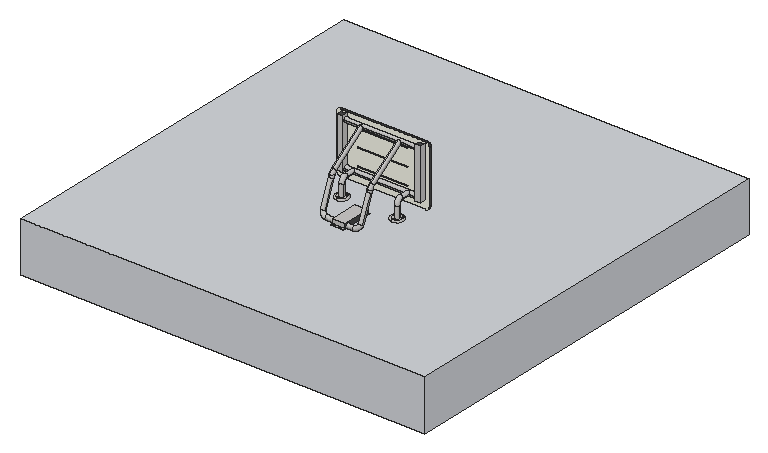
Revit family (continued)
Automatic sketch dimensions
  curve 108 to curve 107 = 0.0553"
  curve 109 to curve 107 = 0.1245"
  curve 108 to curve 109 = 0.07021"
  curve 109 to curve 108 = 0.0553"
  plane 11 to curve 107 = 1/2"
  level to curve 110 = 1/4"
  curve 110 to curve 107 = 1/2"
  curve 110 to curve 110 = 1/4"
  plane 13 to curve 111 = 1/8"
  curve 111 to plane 13 = 1/8"
  curve 114 to plane 16 = 1/4"
  curve 114 to plane 12 = 1.57602"
  level to curve 113 = 0.35202"
  curve 113 to curve 114 = 0.3123"
  curve 113 to curve 114 = 0.46359"
  curve 115 to plane 12 = 0.49749"
  curve 115 to plane 12 = 0.33653"
  curve 112 to plane 12 = 1/8"
  plane 12 to curve 112 = 1/8"
  curve 109 to curve 107 = 0.00027"
  level to curve 111 = 1/8"
  level to curve 112 = 1/8"
  curve 114 to curve 113 = 0.1873"
  curve 115 to plane 16 = 1/4"
  plane 16 to curve 102 = 1.89048"
  curve 102 to curve 105 = 0.23452"
  curve 105 to plane 20 = 7/8"
  curve 103 to plane 20 = 0.22959"
  plane 20 to curve 103 = 1/4"
  curve 104 to plane 4 = 2.90655"
  curve 104 to curve 106 = 0.42631"
  curve 104 to curve 104 = 1/2"
  curve 106 to curve 106 = 1.20583"
  curve 102 to plane 4 = 0.54702"
  Masking region 3 sketch curve to Masking region 3 sketch curve = 0"  (x4)
  Masking region 3 sketch curve to level = 0"  (x2)
  Masking region 3 sketch curve to plane 4 = 0"
  Masking region 3 sketch curve to plane 16 = 0"
  Masking region 3 sketch curve to plane 1 "Center (Front/Back)" = 0"  (x3)
  Masking region 3 sketch curve to plane 20 = 0.03647"
  plane 1 "Center (Front/Back)" to Masking region 3 sketch curve = 0.23109"  (x2)
  plane 20 to Masking region 3 sketch curve = 0.03647"
  plane 1 "Center (Front/Back)" to Masking region 3 sketch curve = 5/16"  (x2)
  Masking region 3 sketch curve to plane 19 = 0.62237"  (x3)
  Masking region 3 sketch curve to plane 11 = 1 1/2"
  level to Masking region 3 sketch curve = 0.00207"  (x2)
  Masking region 3 sketch curve to Masking region 3 sketch curve = 0.24792"  (x2)
  Masking region 3 sketch curve to plane 11 = 1"
  Masking region 3 sketch curve to plane 11 = 0.55928"
  Masking region 3 sketch curve to Masking region 3 sketch curve = 0.05928"
  Masking region 3 sketch curve to Masking region 3 sketch curve = 0.11195"
  level to Masking region 3 sketch curve = 1/4"
  Masking region 3 sketch curve to Masking region 3 sketch curve = 1/2"
  Masking region 3 sketch curve to Masking region 3 sketch curve = 0.0553"  (x3)
  Masking region 3 sketch curve to Masking region 3 sketch curve = 0.00298"
  Masking region 3 sketch curve to Masking region 3 sketch curve = 0.07212"
  Masking region 3 sketch curve to Masking region 3 sketch curve = 0.05738"
  level to Masking region 3 sketch curve = 1/8"  (x4)
  plane 13 to Masking region 3 sketch curve = 1/4"
  Masking region 3 sketch curve to Masking region 3 sketch curve = 1/8"  (x3)
  plane 13 to Masking region 3 sketch curve = 0.0697"
  plane 13 to Masking region 3 sketch curve = 0.00222"
  Masking region 3 sketch curve to plane 13 = 0.00034"
  Masking region 3 sketch curve to plane 13 = 0.0697"
  Masking region 3 sketch curve to plane 13 = 2.05098"
  Masking region 3 sketch curve to Masking region 3 sketch curve = 0.01581"
  Masking region 3 sketch curve to Masking region 3 sketch curve = 0.5474"
  Masking region 3 sketch curve to Masking region 3 sketch curve = 0.37064"
  Masking region 3 sketch curve to Masking region 3 sketch curve = 0.56427"
  Masking region 3 sketch curve to Masking region 3 sketch curve = 0.9252"
  Masking region 3 sketch curve to plane 16 = 1/4"  (x2)
  Masking region 3 sketch curve to plane 12 = 1.57602"
  Masking region 3 sketch curve to plane 12 = 0.49749"
  Masking region 3 sketch curve to plane 12 = 1/4"
  Masking region 3 sketch curve to plane 12 = 1/8"
  Masking region 3 sketch curve to plane 12 = 0.0697"
  Masking region 3 sketch curve to plane 12 = 0.00034"
  plane 12 to Masking region 3 sketch curve = 0.00222"
  plane 12 to Masking region 3 sketch curve = 0.0697"
  Masking region 3 sketch curve to plane 1 "Center (Front/Back)" = 0.09164"  (x2)
  Masking region 3 sketch curve to Masking region 3 sketch curve = 0.00018"  (x2)
  Masking region 3 sketch curve to Masking region 3 sketch curve = 0.00221"
  Masking region 3 sketch curve to Masking region 3 sketch curve = 0.0035"
  Masking region 3 sketch curve to Masking region 3 sketch curve = 0.00486"
  plane 16 to Masking region 3 sketch curve = 1 5/8"
  Masking region 3 sketch curve to Masking region 3 sketch curve = 0.23452"
  Masking region 3 sketch curve to plane 20 = 1/4"
  plane 20 to Masking region 3 sketch curve = 0.14049"
  plane 20 to Masking region 3 sketch curve = 2.02858"
  Masking region 3 sketch curve to Masking region 3 sketch curve = 0.01209"
  Masking region 3 sketch curve to Masking region 3 sketch curve = 0.36521"
  Masking region 3 sketch curve to Masking region 3 sketch curve = 0.37951"
  Masking region 3 sketch curve to plane 4 = 2.90655"
  Masking region 3 sketch curve to Masking region 3 sketch curve = 0.10951"
  Masking region 3 sketch curve to Masking region 3 sketch curve = 0.07295"
  Masking region 3 sketch curve to Masking region 3 sketch curve = 0.28099"
  Masking region 3 sketch curve to Masking region 3 sketch curve = 0.13984"
  Masking region 3 sketch curve to Masking region 3 sketch curve = 1.20583"
  Masking region 3 sketch curve to plane 4 = 0.54702"
  Masking region 3 sketch curve to Masking region 3 sketch curve = 3/8"
  radius of Sweep 6 sketch curve = 1/2"
  radius of Extrusion 7 sketch curve = 0.5172"
  radius of Sweep 8 sketch curve = 1/2"
  radius of Sweep 9 sketch curve = 1/2"
  radius of Extrusion 10 sketch curve = 0.5172"
  radius of Sweep 11 sketch curve = 1/2"
  radius of Sweep 13 sketch curve = 1/2"
  radius of curve 6 = 1/8"
  radius of curve 7 = 1/8"
  radius of curve 8 = 0.0697"
  radius of curve 9 = 1/8"
  radius of curve 10 = 0.0697"
  radius of curve 11 = 0.0697"
  radius of curve 12 = 1/8"
  radius of curve 13 = 0.0697"
  radius of curve 14 = 1/8"
  radius of curve 15 = 0.0697"
  radius of curve 28 = 1/8"
  radius of curve 29 = 1/8"
  radius of curve 30 = 0.0697"
  radius of curve 31 = 1/8"
  radius of curve 32 = 0.0697"
  radius of curve 33 = 0.0697"
  radius of curve 43 = 1/8"
  radius of curve 44 = 0.0697"
  radius of curve 45 = 1/8"
  radius of curve 46 = 0.0697"
  radius of curve 88 = 1/4"
  radius of curve 89 = 0.14049"
  radius of curve 90 = 1/4"
  radius of curve 91 = 0.14049"
  radius of curve 96 = 1/4"
  radius of curve 97 = 0.14049"
  radius of curve 98 = 1/4"
  radius of curve 99 = 0.14049"
